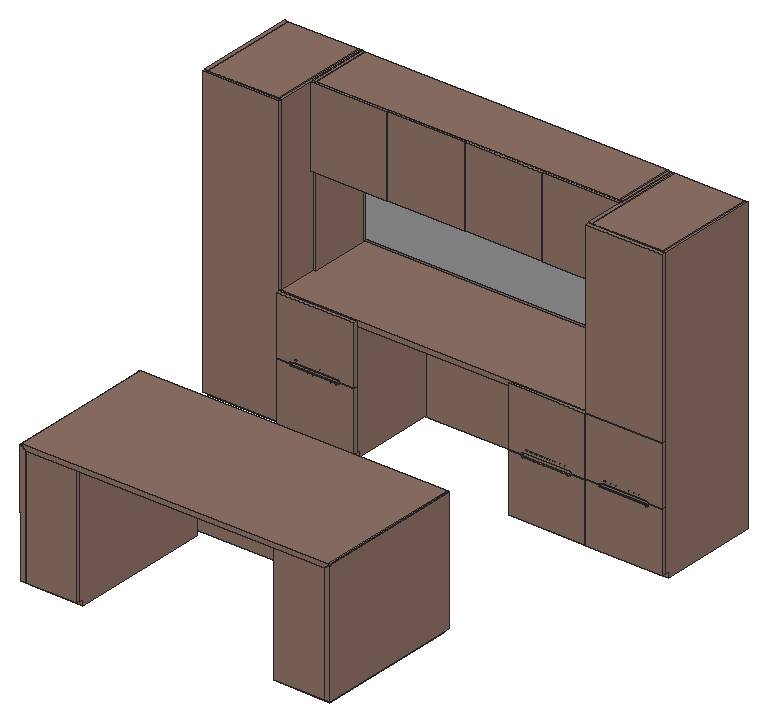
Revit family "OFS TYPICAL T100001", category Furniture, Revit 2022 (continued)
Definition of nested family "OFS SLATE CREDENZAS"
  Types (19): name | Width | Type | Model | Description
    36"W Overlay Lateral File | 3' - 0" | 4 | "CA-A3625CLF2" | "OFS SLATE Credenza Overlay Lateral File 2 Drawers, 36W x 25.50D x 20.5H, Slate Private Office"
    30"W Overlay Lateral File | 2' - 6" | 4 | "CA-A3025CLF2" | "OFS SLATE Credenza Overlay Lateral File 2 Drawers, 30W x 25.50D x 20.5H, Slate Private Office"
    72"W Lateral File/Cabinet | 6' - 0" | 3 | "CA-7224CLFC2-2" | "OFS SLATE Credenza Lateral File/Babinet, 72W x 24.75D x 29,25H, Slate Private Office"
    66"W Lateral File/Cabinet | 5' - 6" | 3 | "CA-6624CLFC2-2" | "OFS SLATE Credenza Lateral File/Babinet, 66W x 24.75D x 29,25H, Slate Private Office"
    72"W Lateral File | 6' - 0" | 2 | "CA-7224CLF4-2" | "OFS SLATE Credenza Lateral File, 72W x 24.75D x 29,25H, Slate Private Office"
    60"W Lateral File | 5' - 0" | 2 | "CA-6024CLF4-2" | "OFS SLATE Credenza Lateral File, 60W x 24.75D x 29,25H, Slate Private Office"
    36"W Lateral File | 3' - 0" | 2 | "CA-3624CLF2-2" | "OFS SLATE Credenza Lateral File, 36W x 24.75D x 29,25H, Slate Private Office"
    30"W Lateral File | 2' - 6" | 2 | "CA-3024CLF2-2" | "OFS SLATE Credenza Lateral File, 30W x 24.75D x 29,25H, Slate Private Office"
    72"W Double Pedestal | 6' - 0" | 1 | "CA-7224CR-2" | "OFS SLATE Credenza Double Pedestal, 72W x 24.75D x 29,25H, Slate Private Office"
    66"W Double Pedestal | 5' - 6" | 1 | "CA-6624CR-2" | "OFS SLATE Credenza Double Pedestal, 66W x 24.75D x 29,25H, Slate Private Office"
    60"W Double Pedestal | 5' - 0" | 1 | "CA-6024CR-2" | "OFS SLATE Credenza Double Pedestal, 60W x 24.75D x 29,25H, Slate Private Office"
  Reference planes (in)
    plane 1 "Center (Front/Back)": y = 0
    plane 2: z = 0
    plane 3 "Center (Left/Right)": x = 0
    plane 4: x = 108
    plane 5: y = -24.83728
    plane 6: x = 54
  Dimensions and locks (in)
    "Width": plane 3 "Center (Left/Right)" to plane 4
    equal spacing: plane 3 "Center (Left/Right)", plane 6, plane 4
    aligned and locked: level to plane 2
    aligned and locked: plane 6 to nested 1
    aligned and locked: plane 5 to nested 1
  Nested families (in)
    nested 1: "Tag" at (54, -24.83728, 0), type "Center", detail levels fine
      with Offset (LR) 0' - 0", Distance of Center (not Change) 0' - 0.12"
    nested 2: "OFS_Slate Private Office_Credenzas_Double Pedestal" at (0, 0, 0), Top <- "Top", Panel <- "Panel", Glides <- "Glides", Drawers <- "Drawers", Case <- "Case", Base <- "Base", Width <- "Width", Type <- "Type", type "OFS_Slate Private Office_Credenzas_Double Pedestal"
      with Width 1 9' - 0", Width 9' - 0", Type 4, Top none, Panel none, Glides none, Drawers none, Double Pedestal no, Case none, Base none
    nested 3: "OFS_Slate Private Office_Credenzas_Lateral File Cabinet" at (0, 0, 0), Top <- "Top", Glides <- "Glides", Drawers <- "Drawers", Case <- "Case", Base <- "Base", Width <- "Width", type "OFS_Slate Private Office_Credenzas_Lateral File Cabinet"
      with Width 1 9' - 0", Width 9' - 0", Top none, Length 2' - 4.755", Glides none, Drawers none, Case none, Base none, Type 4, Lateral File/Cabinet no
    nested 4: "OFS_Slate Private Office_Credenzas_Lateral File" at (0, 0, 0), Top <- "Top", Glides <- "Glides", Drawers <- "Drawers", Case <- "Case", Base <- "Base", Width <- "Width", type "OFS_Slate Private Office_Credenzas_Lateral File"
      with Width 9' - 0", Top none, Length 3 9' - 3", Length 2 2' - 4.692", Length 1 4' - 6", Glides none, Drawers none, Case none, Base none, Type 4, Lateral File no
    nested 5: "OFS_Slate Private Office_Credenzas_Overlay Lateral File Doors" at (0, 0, 0), Top <- "Top", Panel <- "Panel", Glides <- "Glides", Drawers <- "Drawers", Case <- "Case", Base <- "Base", Width <- "Width", type "OFS_Slate Private Office_Credenzas_Overlay Lateral File Doors"
      with Width 1 9' - 0", Width 9' - 0", Top none, Panel none, Length 2 1' - 5 7/8", Length 1 2' - 3.005", Lateral Drawers no, Glides none, Drawers none, Case none, Base none, 4 Drawers no, 2 Drawers no, Type 4, Overlay Lateral File no
    nested 6: "OFS_Slate Private Office_Credenzas_Overlay Lateral File" at (0, 0, 0), Top <- "Top", Panel <- "Panel", Glides <- "Glides", Drawers <- "Drawers", Case <- "Case", Base <- "Base", Width <- "Width", type "OFS_Slate Private Office_Credenzas_Overlay Lateral File"
      with Width 9' - 0", Top none, Panel none, Length 2 1' - 5 7/8", Length 1 2' - 3.005", Glides none, Drawers none, Case none, Base none, 6 Drawers yes, 4 Drawers no, 2 Drawers no
  Definition of nested family "OFS_Slate Private Office_Credenzas_Overlay Lateral File"
    Parameters
      Width [instance] = 2' - 6"
      URL = "http://www.ofsbrands.com/"
      Type = 4
      Top [instance] = none
      Panel [instance] = none
      Model = "Type Catalog"
      Manufacturer = "OFS BRANDS"  # constant formula
      Length 2 [instance] = if(and(Type = 4, Width < 5' 0"), 0' 0.063", 1' 5 7/8")  # 0' - 0.063"
      Length 1 [instance] = if(and(Type = 4, Width = 2' 6"), 1' 7.255", if(and(Type = 4, Width = 3' 0"), 2' 1.255", if(and(Type = 4, Width = 5' 0"), 1' 1.255", if(and(Type = 4, Width = 6' 0"), 2' 1.255", if(and(Type = 4, Width = 7' 6"), 1' 6.005", 2' 3.005")))))  # 1' - 7.255"
      Overlay Lateral File = Type = 4  # yes
      Glides [instance] = none
      Drawers [instance] = none
      Description = "Type Catalog"
      Default Elevation = 0' - 0"
      Copyright © = "© 2016 OFS BRANDS"  # constant formula
      Catalog = "OFS"  # constant formula
      Case [instance] = none
      Base [instance] = none
      Authoring Version = "Autodesk Revit Architecture 2014"  # constant formula
      Assembly Code = "E2020200"
      6 Drawers [instance] = and(Type = 4, Width > 6' 0")  # no
      4 Drawers [instance] = and(Type = 4, Width > 3' 0", Width < 7' 6")  # no
      2 Drawers [instance] = and(Type = 4, Width < 5' 0")  # yes
    Reference planes (in)
      plane 1 "Center (Front/Back)": y = 0
      plane 2: z = 0
      plane 3 "Center (Left/Right)": x = 0
      plane 4: x = 29.25
      plane 5: x = 30
      plane 6: x = 0.75
      plane 7: y = -24
      plane 8: y = -25.58661
      plane 9: y = -23.125
      plane 10: x = 0.125
      plane 11: x = 29.875
      plane 12: z = 0.45
      plane 13: z = 30.3875
      plane 14: y = -1.38677
      plane 15: y = -21.25
      plane 16: y = -11.5625
      plane 17: x = 15
      plane 18: x = 1.8755
      plane 19: x = 28.1245
      plane 20: x = 1.8125
      plane 21: x = 28.1875
      plane 22: x = 28.0625
      plane 23: x = 10.60417
      plane 24: x = 19.39583
    Forms (in)
      Revolve 1, solid, material <- "Glides", visible <- "Overlay Lateral File"
        sketch origin (1.0178, -1.38677, 47.24409) x (-1, 0, 0) y (0, 0, 1)
          loop
            line (0.04905, -46.79409) -> (0.04905, -47.24409) -> (0.29405, -47.24409)
            arc (0.29405, -47.24409) -> (0.42215, -47.13626) -> (0.33773, -46.99165) r 0.13
            line (0.33773, -46.99165) -> (0.29905, -46.99165) -> (0.29905, -46.79409) -> (0.04905, -46.79409)
          axis (0.04905, -46.79409) -> (0.04905, -47.24409)
        angle from 0 to 360
      Revolve 2, solid, material <- "Glides", visible <- "Overlay Lateral File"
        sketch origin (70.9822, -1.38677, 47.24409) x (1, 0, 0) y (0, 0, -1)
          loop
            line (-41.95095, 46.79409) -> (-41.70095, 46.79409) -> (-41.70095, 46.99165) -> (-41.66227, 46.99165)
            arc (-41.66227, 46.99165) -> (-41.57785, 47.13626) -> (-41.70595, 47.24409) r 0.13
            line (-41.70595, 47.24409) -> (-41.95095, 47.24409) -> (-41.95095, 46.79409)
          axis (-41.95095, 46.79409) -> (-41.95095, 47.24409)
        angle from 0 to 360
      Revolve 3, solid, material <- "Glides", visible <- "Overlay Lateral File"
        sketch origin (1.0178, -21.25, 47.24409) x (-1, 0, 0) y (0, 0, 1)
          loop
            line (-28.01344, -46.79409) -> (-28.26344, -46.79409) -> (-28.26344, -46.99165) -> (-28.30212, -46.99165)
            arc (-28.30212, -46.99165) -> (-28.38654, -47.13626) -> (-28.25844, -47.24409) r 0.13
            line (-28.25844, -47.24409) -> (-28.01344, -47.24409) -> (-28.01344, -46.79409)
          axis (-28.01344, -46.79409) -> (-28.01344, -47.24409)
        angle from 0 to 360
      Revolve 4, solid, material <- "Glides", visible <- "Overlay Lateral File"
        sketch origin (1.0178, -21.25, 47.24409) x (-1, 0, 0) y (0, 0, 1)
          loop
            line (0.04905, -46.79409) -> (0.04905, -47.24409) -> (0.29405, -47.24409)
            arc (0.29405, -47.24409) -> (0.42215, -47.13626) -> (0.33773, -46.99165) r 0.13
            line (0.33773, -46.99165) -> (0.29905, -46.99165) -> (0.29905, -46.79409) -> (0.04905, -46.79409)
          axis (0.04905, -46.79409) -> (0.04905, -47.24409)
        angle from 0 to 360
      Sweep 5, solid, material <- "Panel", visible <- "Overlay Lateral File"
        path origin (-60.07556, -60, 0.45) x (-1, 0, 0) y (0, -1, 0)
          loop
            line (-90.07556, -36.875) -> (-60.07556, -36.875)
        profile origin (15, -23.125, 0.45) x (0, -1, 0) y (0, 0, 1)
          loop
            line (-0.75, 0) -> (0, 0) -> (0, 1.25) -> (-0.75, 1.25) -> (-0.75, 0)
      Extrusion 6, solid, material <- "Case", visible <- "Overlay Lateral File"
        sketch origin (0, 0, 0) x (0, 1, 0) y (0, 0, 1)
          loop
            line (0, 29.2) -> (-0.76133, 29.2) -> (-0.76133, 0.45) -> (0, 0.45) -> (0, 29.2)
        from 1.9375 to 28.0625
      Extrusion 7, solid, material <- "Panel", visible <- "Overlay Lateral File"
        sketch origin (0, 0, 0) x (1, 0, 0) y (0, 0, 1)
          loop
            line (0, 29.2) -> (0, 1.7) -> (1.9375, 1.7) -> (1.9375, 29.2) -> (0, 29.2)
          loop
            line (28.0625, 29.2) -> (28.0625, 1.7) -> (30, 1.7) -> (30, 29.2) -> (28.0625, 29.2)
        from 0 to 24.75
      Extrusion 8, solid, material <- "Base", visible <- "Overlay Lateral File"
        sketch origin (-3.76383, -25.58661, 47.24409) x (-1, 0, 0) y (0, 0, 1)
          loop
            line (-5.70133, -44.79409) -> (-31.82633, -44.79409) -> (-31.82633, -45.54409) -> (-5.70133, -45.54409) -> (-5.70133, -44.79409)
        from 0.83661 to 24.83661
      Extrusion 9, solid, material <- "Top", visible <- "Overlay Lateral File"
        sketch origin (1.8125, -27.03977, 47.24409) x (0, -1, 0) y (0, 0, 1)
          loop
            line (-26.28977, -16.85659) -> (-26.28977, -18.0441) -> (-2.28977, -18.0441) -> (-2.28977, -16.85659) -> (-26.28977, -16.85659)
        from 0 to -26.375
      Extrusion 10, solid, material <- "Panel", visible <- "Overlay Lateral File"
        sketch origin (-60.07556, -60, 0.45) x (-1, 0, 0) y (0, -1, 0)
          loop
            line (-62.01306, -38.8125) -> (-62.01306, -60) -> (-60.07556, -60) -> (-60.07556, -36.875) -> (-62.01306, -38.8125)
          loop
            line (-88.13806, -38.8125) -> (-90.07556, -36.875) -> (-90.07556, -60) -> (-88.13806, -60) -> (-88.13806, -38.8125)
        from 0 to 1.25
      Sweep 11, void
        path origin (-3.76383, -25.58661, 47.24409) x (-1, 0, 0) y (0, 0, 1)
          loop
            line (-9.13633, -29.82608) -> (-28.39133, -29.82608)
            arc (-28.39133, -29.82608) -> (-29.2031, -30.63785) -> (-28.39133, -31.44961) r 0.81176
            line (-28.39133, -31.44961) -> (-9.13633, -31.44961)
            arc (-9.13633, -31.44961) -> (-8.32457, -30.63785) -> (-9.13633, -29.82608) r 0.81176
        profile origin (15, -25.58661, 17.41801) x (0, 0, -1) y (0, 1, 0)
          loop
            line (0.74926, 0) -> (0.74926, 0.59375) -> (0.23364, 0.59375)
            arc (0.23364, 0.59375) -> (0.00071, 0.38112) -> (0.19126, 0.12981) r 0.2339
            arc (0.19126, 0.12981) -> (0.23287, 0.10547) -> (0.24927, 0.06015) r 0.07084
            line (0.24927, 0.06015) -> (0.24927, 0) -> (0.74926, 0)
      Extrusion 12, solid, material <- "Drawers", visible <- "2 Drawers"
        sketch origin (15, -60, -12) x (0, 0, -1) y (0, -1, 0)
          loop
            line (-42.325, -35.16339) -> (-28.66875, -35.16339) -> (-28.66875, -34.41339) -> (-42.325, -34.41339) -> (-42.325, -35.16339)
          loop
            line (-13.7, -35.16339) -> (-13.7, -34.41339) -> (-28.54375, -34.41339) -> (-28.54375, -35.16339) -> (-13.7, -35.16339)
        from -13.0625 to 13.0625
      Extrusion 13, solid, material <- "Drawers", visible <- "4 Drawers"
        sketch origin (-3.76383, -25.58661, 47.24409) x (-1, 0, 0) y (0, 0, 1)
          loop
            line (-5.70133, -16.9191) -> (-18.70133, -16.9191) -> (-18.70133, -30.57535) -> (-5.70133, -30.57535) -> (-5.70133, -16.9191)
          loop
            line (-5.70133, -44.79409) -> (-5.70133, -30.70035) -> (-18.70133, -30.70035) -> (-18.70133, -44.79409) -> (-5.70133, -44.79409)
          loop
            line (-18.82633, -16.9191) -> (-31.82633, -16.9191) -> (-31.82633, -30.57535) -> (-18.82633, -30.57535) -> (-18.82633, -16.9191)
          loop
            line (-18.82633, -44.79409) -> (-18.82633, -30.70035) -> (-31.82633, -30.70035) -> (-31.82633, -44.79409) -> (-18.82633, -44.79409)
        from 0 to 0.75
      Extrusion 14, solid, material <- "Drawers", visible <- "6 Drawers"
        sketch origin (-3.76383, -25.58661, 47.24409) x (-1, 0, 0) y (0, 0, 1)
          loop
            line (-5.70133, -16.9191) -> (-14.3055, -16.9191) -> (-14.3055, -30.57535) -> (-5.70133, -30.57535) -> (-5.70133, -16.9191)
          loop
            line (-5.70133, -30.70035) -> (-14.3055, -30.70035) -> (-14.3055, -44.79409) -> (-5.70133, -44.79409) -> (-5.70133, -30.70035)
          loop
            line (-23.09717, -16.9191) -> (-23.09717, -30.57535) -> (-14.4305, -30.57535) -> (-14.4305, -16.9191) -> (-23.09717, -16.9191)
          loop
            line (-23.09717, -30.70035) -> (-23.09717, -44.79409) -> (-14.4305, -44.79409) -> (-14.4305, -30.70035) -> (-23.09717, -30.70035)
          loop
            line (-31.82633, -16.9191) -> (-31.82633, -30.57535) -> (-23.22217, -30.57535) -> (-23.22217, -16.9191) -> (-31.82633, -16.9191)
          loop
            line (-31.82633, -30.70035) -> (-31.82633, -44.79409) -> (-23.22217, -44.79409) -> (-23.22217, -30.70035) -> (-31.82633, -30.70035)
        from 0 to 0.75
    Cuts and joins
      joined: Revolve 1, Revolve 2, Revolve 3, Revolve 4
      joined: Sweep 5, Extrusion 10
      Sweep 11 cuts Extrusion 12
      Sweep 11 cuts Extrusion 13
      Sweep 11 cuts Extrusion 14
    Lines and regions (in)
      Masking region 1, visible <- "Overlay Lateral File"
        outline origin (77.82463, -60, 30.3875) x (0, -1, 0) y (1, 0, 0)
          loop
            line (-60, -77.82463) -> (-34.41339, -77.82463) -> (-34.41339, -47.82463) -> (-60, -47.82463) -> (-60, -77.82463)
    Dimensions and locks (in)
      "Width": plane 3 "Center (Left/Right)" to plane 5
      equal spacing: plane 3 "Center (Left/Right)", plane 17, plane 5
      locked: Extrusion 7 sketch curve to plane 3 "Center (Left/Right)" at 1.9375
      locked: plane 20 to Extrusion 8 sketch curve at 0.125
      Extrusion 10 sketch curve to Extrusion 10 sketch curve to plane 9 = 0' - 0" locked, 0' - 1 15/16" locked
      locked: plane 3 "Center (Left/Right)" to Extrusion 10 sketch curve at 1.9375
      plane 3 "Center (Left/Right)" to plane 10 to plane 6 to plane 20 = 0' - 0 1/8" locked, 0' - 0 5/8" locked, 0' - 1 1/16" locked
      plane 22 to plane 21 to plane 4 to plane 11 to plane 5 = 0' - 0 1/8" locked, 0' - 1 1/16" locked, 0' - 0 5/8" locked, 0' - 0 1/8" locked
      "Length 2": plane 20 to plane 18
      "Length 2": plane 19 to plane 21
      Extrusion 13 sketch curve to plane 17 to Extrusion 13 sketch curve = 0' - 0 1/16" locked, 0' - 0 1/16" locked
      locked: Sweep 11 sketch curve to plane 3 "Center (Left/Right)" at 5.3725
      locked: Sweep 11 sketch curve to plane 5 at 5.3725
      equal spacing: plane 20, plane 23, plane 24, plane 21
      Extrusion 14 sketch curve to plane 23 to Extrusion 14 sketch curve = 0' - 0 1/16" locked, 0' - 0 1/16" locked
      Extrusion 14 sketch curve to plane 24 to Extrusion 14 sketch curve = 0' - 0 1/16" locked, 0' - 0 1/16" locked
      aligned and locked: level to plane 2
      aligned and locked: plane 9 to Sweep 5 sketch curve
      aligned and locked: plane 21 to Extrusion 9
      aligned and locked: Extrusion 6 to plane 22
      aligned and locked: Extrusion 7 sketch curve to plane 22
      aligned and locked: Extrusion 10 sketch curve to plane 22
      aligned and locked: plane 5 to Extrusion 10 sketch curve
      aligned and locked: plane 9 to Extrusion 10 sketch curve  (x2)
      aligned and locked: Extrusion 10 sketch curve to plane 3 "Center (Left/Right)"
      aligned and locked: plane 22 to Extrusion 8 sketch curve
      aligned and locked: Masking region 1 sketch curve to Extrusion 7
      aligned and locked: Extrusion 7 to Extrusion 12
      aligned and locked: Extrusion 12 to plane 22
      aligned and locked: Extrusion 13 sketch curve to Extrusion 6
      aligned and locked: Extrusion 13 sketch curve to cut or joined group of Sweep 11, Extrusion 12
      aligned and locked: Extrusion 13 sketch curve to Extrusion 13 sketch curve
      aligned and locked: plane 22 to Extrusion 13 sketch curve
      aligned and locked: Extrusion 14 sketch curve to cut or joined group of Sweep 11, Extrusion 13
      aligned and locked: Extrusion 14 sketch curve to Extrusion 14 sketch curve  (x6)
      aligned and locked: Extrusion 14 sketch curve to plane 22
    Automatic sketch dimensions
      Revolve 1 sketch curve to plane 12 = 0' - 0"
      Revolve 1 sketch curve to level = 0' - 0"  (x2)
      Revolve 1 sketch curve to plane 6 = 0' - 0 7/32"
      plane 6 to Revolve 1 sketch curve = 0' - 0.02625"
      plane 6 to Revolve 1 sketch curve = 0' - 0 1/32"
      Revolve 1 sketch curve to Revolve 1 sketch curve = 0' - 0.03868"
      level to Revolve 1 sketch curve = 0' - 0.13"
      Revolve 1 sketch curve to Revolve 1 sketch curve = 0' - 0"
      Revolve 1 sketch curve to level = 0' - 0.09316"
      Revolve 2 sketch curve to plane 12 = 0' - 0"
      Revolve 2 sketch curve to level = 0' - 0"  (x2)
      Revolve 2 sketch curve to plane 4 = 0' - 0 7/32"
      plane 4 to Revolve 2 sketch curve = 0' - 0.02625"
      plane 4 to Revolve 2 sketch curve = 0' - 0 1/32"
      Revolve 2 sketch curve to Revolve 2 sketch curve = 0' - 0.03868"
      Revolve 2 sketch curve to plane 12 = 0' - 0.19756"
      Revolve 2 sketch curve to Revolve 2 sketch curve = 0' - 0"
      Revolve 2 sketch curve to Revolve 2 sketch curve = 0' - 0.09316"
      Revolve 3 sketch curve to plane 12 = 0' - 0"
      Revolve 3 sketch curve to level = 0' - 0"  (x2)
      plane 4 to Revolve 3 sketch curve = 0' - 0.06992"
      plane 4 to Revolve 3 sketch curve = 0' - 0 1/32"
      plane 4 to Revolve 3 sketch curve = 0' - 0.02625"
      Revolve 3 sketch curve to plane 4 = 0' - 0 7/32"
      level to Revolve 3 sketch curve = 0' - 0.13"
      Revolve 3 sketch curve to Revolve 3 sketch curve = 0' - 0"
      Revolve 3 sketch curve to Revolve 3 sketch curve = 0' - 0.09316"
      Revolve 4 sketch curve to plane 12 = 0' - 0"
      Revolve 4 sketch curve to level = 0' - 0"  (x2)
      Revolve 4 sketch curve to plane 6 = 0' - 0 7/32"
      plane 6 to Revolve 4 sketch curve = 0' - 0.02625"
      plane 6 to Revolve 4 sketch curve = 0' - 0 1/32"
      Revolve 4 sketch curve to Revolve 4 sketch curve = 0' - 0.03868"
      Revolve 4 sketch curve to Revolve 4 sketch curve = 0' - 0.13"
      Revolve 4 sketch curve to Revolve 4 sketch curve = 0' - 0"
      Revolve 4 sketch curve to level = 0' - 0.09316"
      Extrusion 6 sketch curve to plane 12 = 0' - 0"
      Extrusion 6 sketch curve to plane 1 "Center (Front/Back)" = 0' - 0"
      plane 14 to Extrusion 6 sketch curve = 0' - 0.62544"
      plane 13 to Extrusion 6 sketch curve = 0' - 1 3/16"
      plane 12 to Extrusion 8 sketch curve = 0' - 1 1/4"
      Extrusion 8 sketch curve to Extrusion 8 sketch curve = 0' - 0 3/4"
      plane 13 to Extrusion 9 sketch curve = 0' - 0"
      plane 14 to Extrusion 9 sketch curve = 0' - 0.63677"
      Extrusion 9 sketch curve to plane 7 = 0' - 0 3/4"
      plane 13 to Extrusion 9 sketch curve = 0' - 1 3/16"
      plane 1 "Center (Front/Back)" to Extrusion 10 sketch curve = 0' - 0"  (x2)
      Sweep 11 sketch curve to plane 8 = 0' - 0"
      plane 8 to Sweep 11 sketch curve = 0' - 0.06015"
      Sweep 11 sketch curve to profile plane = 0' - 0.17843"
      Sweep 11 sketch curve to profile plane = 0' - 0.23364"
      Sweep 11 sketch curve to Sweep 11 sketch curve = 0' - 0.07084"
      Sweep 11 sketch curve to Sweep 11 sketch curve = 0' - 0 33/64"
      Sweep 11 sketch curve to Sweep 11 sketch curve = 0' - 0.2997"
      Sweep 11 sketch curve to Sweep 11 sketch curve = 0' - 0.2339"
      Extrusion 12 sketch curve to plane 8 = 0' - 0"  (x2)
      plane 13 to Extrusion 12 sketch curve = 0' - 0 1/16"
      plane 8 to Extrusion 12 sketch curve = 0' - 0 3/4"
      Extrusion 12 sketch curve to Extrusion 12 sketch curve = 1' - 1 21/32"
      Extrusion 12 sketch curve to Extrusion 12 sketch curve = 0' - 0 1/8"
      plane 12 to Extrusion 12 sketch curve = 0' - 1 1/4"
      Extrusion 12 sketch curve to Extrusion 12 sketch curve = 0' - 0 3/4"
      plane 13 to Sweep 11 sketch curve = 1' - 2.59302"
      Sweep 11 sketch curve to Sweep 11 sketch curve = 0' - 0.81176"
      Sweep 5 sketch curve to plane 5 = 0' - 0"
      Sweep 5 sketch curve to plane 3 "Center (Left/Right)" = 0' - 0"
      Sweep 5 sketch curve to plane 12 = 0' - 0"
      Sweep 5 sketch curve to profile plane = 0' - 0"
      profile plane to Sweep 5 sketch curve = 0' - 0 3/4"
      Sweep 5 sketch curve to Sweep 5 sketch curve = 0' - 1 1/4"
      Extrusion 7 sketch curve to plane 3 "Center (Left/Right)" = 0' - 0"
      plane 5 to Extrusion 7 sketch curve = 0' - 0"
      plane 12 to Extrusion 7 sketch curve = 0' - 1 1/4"  (x2)
      plane 13 to Extrusion 7 sketch curve = 0' - 1 3/16"  (x2)
      Extrusion 13 sketch curve to plane 17 = 0' - 0 1/16"
      plane 17 to Extrusion 13 sketch curve = 0' - 0 1/16"
      plane 12 to Extrusion 13 sketch curve = 0' - 2"  (x2)
      plane 13 to Extrusion 13 sketch curve = 1' - 1 27/32"
      Extrusion 13 sketch curve to Extrusion 13 sketch curve = 0' - 0"
      Extrusion 13 sketch curve to Extrusion 13 sketch curve = 0' - 0 1/8"  (x2)
      plane 13 to Extrusion 13 sketch curve = 0' - 0 1/16"  (x2)
      plane 12 to Extrusion 14 sketch curve = 0' - 2"  (x2)
      Extrusion 14 sketch curve to Extrusion 14 sketch curve = 0' - 0"  (x2)
      plane 13 to Extrusion 14 sketch curve = 1' - 1 27/32"  (x2)
      Extrusion 14 sketch curve to Extrusion 14 sketch curve = 0' - 0 1/8"  (x3)
      plane 13 to Extrusion 14 sketch curve = 0' - 0 1/16"  (x3)
      Masking region 1 sketch curve to plane 3 "Center (Left/Right)" = 0' - 0"
      Masking region 1 sketch curve to plane 8 = 0' - 0"
      Masking region 1 sketch curve to plane 5 = 0' - 0"
  Definition of nested family "Tag"
    Parameters
      P_Width = 0' - 0"
      Text_Width = "Empty"
      Text_Height = "Empty"
      Text_Diameter = "Empty"
      Text_Depth = "Empty"
      Offset (LR) [instance] = 0' - 0"
      Model Name = "Type Catalog"
      P_Height = 0' - 0"
      Distance of Center (not Change) = 0' - 0.1"
      P_Diameter = 0' - 0"
      P_Depth = 0' - 0"
    Reference planes (in)
      plane 1: y = 0
      plane 2: x = 0
    Lines and regions (in)
      reference lines
        curve 1: line (-0.44359, 0.1, 0) -> (0.41085, 0.1, 0)
        curve 3: line (0, 0.42564, 0) -> (0, -0.30221, 0)
      reference lines, not visible
        curve 2: line (-0.44359, 0.09843, 0) -> (0.41085, 0.09843, 0)
        curve 4: line (0, 0.42407, 0) -> (0, -0.30379, 0)
    Text (in)
      label "Empty" at (0.00197, 0.0921, 0), shows "Model Name"
      label "Empty" at (0.00197, 0.09052, 0), shows "Model Name", not visible
    Dimensions and locks (in)
      "Distance of Center (not Change)": plane 1 to curve 1
      "Offset (LR)": curve 3 to plane 2
    Automatic sketch dimensions
      curve 1 to curve 3 = 0' - 0.44359"
      curve 3 to curve 1 = 0' - 0.41085"
      curve 3 to curve 1 = 0' - 0.40221"
      curve 1 to curve 3 = 0' - 0.32564"
      curve 2 to curve 4 = 0' - 0.44359"
      curve 4 to curve 2 = 0' - 0.41085"
      curve 4 to curve 2 = 0' - 0.40221"
      curve 2 to curve 4 = 0' - 0.32564"
  Definition of nested family "OFS_Slate Private Office_Credenzas_Double Pedestal"
    Parameters
      Width 1 [instance] = if(Width < 5' 0", 5' 0", Width)  # 5' - 0"
      Width [instance] = 5' - 0"
      URL = "http://www.ofsbrands.com/"
      Type [instance] = 1
      Top [instance] = none
      Panel [instance] = none
      Model = "Type Catalog"
      Manufacturer = "OFS BRANDS"  # constant formula
      Glides [instance] = none
      Drawers [instance] = none
      Double Pedestal [instance] = Type = 1  # yes
      Description = "Type Catalog"
      Default Elevation = 0' - 0"
      Copyright © = "© 2016 OFS BRANDS"  # constant formula
      Catalog = "OFS"  # constant formula
      Case [instance] = none
      Base [instance] = none
      Authoring Version = "Autodesk Revit Architecture 2014"  # constant formula
      Assembly Code = "E2020200"
    Reference planes (in)
      plane 1 "Center (Front/Back)": y = 0
      plane 2: z = 0
      plane 3 "Center (Left/Right)": x = 0
      plane 4: z = 0.45
      plane 5: z = 1.7
      plane 6: z = 28.0125
      plane 7: z = 29.2
      plane 8: z = 2.45
      plane 9: x = 18
      plane 10: x = 30
      plane 11: x = 60
      plane 12: x = 42
      plane 13: y = -1.37544
      plane 14: y = -21.74956
      plane 15: y = -24
      plane 16: y = -24.83661
      plane 17: x = 0.75
      plane 18: x = 59.25
      plane 19: x = 17.25
      plane 20: x = 42.75
      plane 21: x = 18.75
      plane 22: x = 41.25
    Forms (in)
      Extrusion 1, solid, material <- "Top", visible <- "Double Pedestal"
        sketch origin (0, 0, 0) x (0, 1, 0) y (0, 0, 1)
          loop
            line (0, 29.2) -> (-24, 29.2) -> (-24, 28.0125) -> (0, 28.0125) -> (0, 29.2)
        from 0 to 60
      Sweep 2, solid, material <- "Case", visible <- "Double Pedestal"
        path origin (-60.07556, -60, 0.45) x (-1, 0, 0) y (0, -1, 0)
          loop
            line (-60.82556, -60) -> (-60.82556, -37.625) -> (-77.32556, -37.625) -> (-77.32556, -60)
        profile origin (9, -22.375, 0.45) x (0, 1, 0) y (0, 0, 1)
          loop
            line (-0.75, 0) -> (0, 0) -> (0, 1.25) -> (-0.75, 1.25) -> (-0.75, 0)
      Extrusion 3, solid, material <- "Case", visible <- "Double Pedestal"
        sketch origin (-3.76383, -24, 47.24409) x (-1, 0, 0) y (0, 0, 1)
          loop
            line (-3.76383, -19.2316) -> (-4.51383, -19.2316) -> (-4.51383, -45.5441) -> (-3.76383, -45.5441) -> (-3.76383, -19.2316)
          loop
            line (-21.01383, -19.2316) -> (-21.76383, -19.2316) -> (-21.76383, -45.5441) -> (-21.01383, -45.5441) -> (-21.01383, -19.2316)
          loop
            line (-63.76383, -19.2316) -> (-63.76383, -45.5441) -> (-63.01383, -45.5441) -> (-63.01383, -19.2316) -> (-63.76383, -19.2316)
          loop
            line (-46.51383, -19.2316) -> (-46.51383, -45.5441) -> (-45.76383, -45.5441) -> (-45.76383, -19.2316) -> (-46.51383, -19.2316)
        from 0 to 24
      Extrusion 4, solid, material <- "Case", visible <- "Double Pedestal"
        sketch origin (-60.07556, -60, 0.45) x (-1, 0, 0) y (0, -1, 0)
          loop
            line (-60.82556, -60) -> (-60.82556, -59.25) -> (-77.32556, -59.25) -> (-77.32556, -60) -> (-60.82556, -60)
          loop
            line (-119.32556, -59.25) -> (-119.32556, -60) -> (-102.82556, -60) -> (-102.82556, -59.25) -> (-119.32556, -59.25)
        from 0 to 27.5625
      Extrusion 5, solid, material <- "Case", visible <- "Double Pedestal"
        sketch origin (-60.07556, -60, 0.45) x (-1, 0, 0) y (0, -1, 0)
          loop
            line (-78.07556, -60) -> (-78.07556, -56.75) -> (-78.82556, -56.75) -> (-78.82556, -60) -> (-78.07556, -60)
          loop
            line (-101.32556, -60) -> (-101.32556, -56.75) -> (-102.07556, -56.75) -> (-102.07556, -60) -> (-101.32556, -60)
        from 0 to 27.5625
      Extrusion 6, solid, material <- "Panel", visible <- "Double Pedestal"
        sketch origin (-60.07556, -60, 0.45) x (-1, 0, 0) y (0, -1, 0)
          loop
            line (-78.07556, -56.75) -> (-78.07556, -56) -> (-102.07556, -56) -> (-102.07556, -56.75) -> (-78.07556, -56.75)
        from 0 to 14
      Extrusion 7, solid, material <- "Panel", visible <- "Double Pedestal"
        sketch origin (-60.07556, -60, 0.45) x (-1, 0, 0) y (0, -1, 0)
          loop
            line (-78.20056, -56.75) -> (-78.20056, -56) -> (-101.95056, -56) -> (-101.95056, -56.75) -> (-78.20056, -56.75)
        from 14.125 to 26.8125
      Extrusion 8, solid, material <- "Drawers", visible <- "Double Pedestal"
        sketch origin (63.21186, -24.83661, 47.24409) x (1, 0, 0) y (0, 0, 1)
          loop
            line (-63.08686, -18.10659) -> (-63.08686, -31.76284) -> (-45.21186, -31.76284) -> (-45.21186, -18.10659) -> (-63.08686, -18.10659)
          loop
            line (-45.21186, -31.88784) -> (-63.08686, -31.88784) -> (-63.08686, -45.5441) -> (-45.21186, -45.5441) -> (-45.21186, -31.88784)
          loop
            line (-3.33686, -18.10659) -> (-21.21186, -18.10659) -> (-21.21186, -31.76284) -> (-3.33686, -31.76284) -> (-3.33686, -18.10659)
          loop
            line (-21.21186, -31.88784) -> (-21.21186, -45.5441) -> (-3.33686, -45.5441) -> (-3.33686, -31.88784) -> (-21.21186, -31.88784)
        from 0 to -0.75
      Sweep 9, void
        path origin (63.21186, -24.83661, 47.24409) x (1, 0, 0) y (0, 0, 1)
          loop
            arc (-59.52677, -31.01358) -> (-60.33854, -31.82534) -> (-59.52677, -32.63711) r 0.81176
            line (-59.52677, -32.63711) -> (-48.77196, -32.63711)
            arc (-48.77196, -32.63711) -> (-47.96019, -31.82534) -> (-48.77196, -31.01358) r 0.81176
            line (-48.77196, -31.01358) -> (-59.52677, -31.01358)
        profile origin (9.0625, -24.83661, 16.23051) x (0, 0, 1) y (0, -1, 0)
          loop
            line (-0.74926, 0) -> (-0.74926, -0.59375) -> (-0.23364, -0.59375)
            arc (-0.23364, -0.59375) -> (0.00064, -0.37682) -> (-0.19766, -0.12657) r 0.23498
            arc (-0.19766, -0.12657) -> (-0.2346, -0.106) -> (-0.24927, -0.06635) r 0.06093
            line (-0.24927, -0.06635) -> (-0.24927, 0) -> (-0.74926, 0)
      Sweep 10, void
        path origin (-3.21186, -24.83661, 47.24409) x (-1, 0, 0) y (0, 0, -1)
          loop
            line (-59.52677, 31.01358) -> (-48.77196, 31.01358)
            arc (-48.77196, 31.01358) -> (-47.96019, 31.82534) -> (-48.77196, 32.63711) r 0.81176
            line (-48.77196, 32.63711) -> (-59.52677, 32.63711)
            arc (-59.52677, 32.63711) -> (-60.33854, 31.82534) -> (-59.52677, 31.01358) r 0.81176
        profile origin (50.9375, -24.83661, 16.23051) x (0, 0, -1) y (0, -1, 0)
          loop
            line (0.74926, 0) -> (0.24927, 0) -> (0.24927, -0.06635)
            arc (0.24927, -0.06635) -> (0.2346, -0.106) -> (0.19766, -0.12657) r 0.06093
            arc (0.19766, -0.12657) -> (-0.00064, -0.37682) -> (0.23364, -0.59375) r 0.23498
            line (0.23364, -0.59375) -> (0.74926, -0.59375) -> (0.74926, 0)
      Extrusion 11, solid, material <- "Base", visible <- "Double Pedestal"
        sketch origin (0, 0, 0) x (1, 0, 0) y (0, 0, 1)
          loop
            line (0.75, 2.45) -> (0.75, 1.7) -> (17.25, 1.7) -> (17.25, 2.45) -> (0.75, 2.45)
          loop
            line (42.75, 2.45) -> (42.75, 1.7) -> (59.25, 1.7) -> (59.25, 2.45) -> (42.75, 2.45)
        from 0.75 to 24
      Sweep 12, solid, material <- "Case", visible <- "Double Pedestal"
        path origin (120.07556, -60, 0.45) x (1, 0, 0) y (0, 1, 0)
          loop
            line (-60.82556, 60) -> (-60.82556, 37.625) -> (-77.32556, 37.625) -> (-77.32556, 60)
        profile origin (51, -22.375, 0.45) x (0, -1, 0) y (0, 0, 1)
          loop
            line (0.75, 0) -> (0.75, 1.25) -> (0, 1.25) -> (0, 0) -> (0.75, 0)
      Extrusion 13, solid, material <- "Case", visible <- "Double Pedestal"
        sketch origin (-60.07556, -60, 0.45) x (-1, 0, 0) y (0, -1, 0)
          loop
            line (-60.82556, -59.25) -> (-60.82556, -57.75) -> (-62.32556, -57.75) -> (-62.32556, -59.25) -> (-60.82556, -59.25)
          loop
            line (-75.82556, -59.25) -> (-75.82556, -57.75) -> (-77.32556, -57.75) -> (-77.32556, -59.25) -> (-75.82556, -59.25)
          loop
            line (-62.32556, -39.125) -> (-60.82556, -39.125) -> (-60.82556, -37.625) -> (-62.32556, -37.625) -> (-62.32556, -39.125)
          loop
            line (-75.82556, -39.125) -> (-75.82556, -37.625) -> (-77.32556, -37.625) -> (-77.32556, -39.125) -> (-75.82556, -39.125)
          loop
            line (-119.32556, -59.25) -> (-117.82556, -59.25) -> (-117.82556, -57.75) -> (-119.32556, -57.75) -> (-119.32556, -59.25)
          loop
            line (-104.32556, -59.25) -> (-102.82556, -59.25) -> (-102.82556, -57.75) -> (-104.32556, -57.75) -> (-104.32556, -59.25)
          loop
            line (-117.82556, -39.125) -> (-117.82556, -37.625) -> (-119.32556, -37.625) -> (-119.32556, -39.125) -> (-117.82556, -39.125)
          loop
            line (-104.32556, -39.125) -> (-102.82556, -39.125) -> (-102.82556, -37.625) -> (-104.32556, -37.625) -> (-104.32556, -39.125)
        from 0 to 1.25
      Revolve 14, solid, material <- "Glides", visible <- "Double Pedestal"
        sketch origin (-3.76383, -1.37544, 47.24409) x (-1, 0, 0) y (0, 0, 1)
          loop
            line (-5.15473, -46.79409) -> (-5.15473, -47.24409) -> (-4.90473, -47.24409)
            arc (-4.90473, -47.24409) -> (-4.78439, -47.13335) -> (-4.86606, -46.99165) r 0.13088
            line (-4.86606, -46.99165) -> (-4.90473, -46.99165) -> (-4.90473, -46.79409) -> (-5.15473, -46.79409)
          axis (-5.15473, -46.79409) -> (-5.15473, -47.24409)
        angle from 0 to 360
      Revolve 15, solid, material <- "Glides", visible <- "Double Pedestal"
        sketch origin (21.76383, -1.37544, 47.24409) x (1, 0, 0) y (0, 0, -1)
          loop
            line (-5.15473, 46.79409) -> (-4.90473, 46.79409) -> (-4.90473, 46.99165) -> (-4.86606, 46.99165)
            arc (-4.86606, 46.99165) -> (-4.78439, 47.13335) -> (-4.90473, 47.24409) r 0.13088
            line (-4.90473, 47.24409) -> (-5.15473, 47.24409) -> (-5.15473, 46.79409)
          axis (-5.15473, 46.79409) -> (-5.15473, 47.24409)
        angle from 0 to 360
      Revolve 16, solid, material <- "Glides", visible <- "Double Pedestal"
        sketch origin (63.21186, -21.74956, 47.24409) x (1, 0, 0) y (0, 0, 1)
          loop
            line (-61.82096, -46.79409) -> (-62.07096, -46.79409) -> (-62.07096, -46.99165) -> (-62.10964, -46.99165)
            arc (-62.10964, -46.99165) -> (-62.19131, -47.13335) -> (-62.07096, -47.24409) r 0.13088
            line (-62.07096, -47.24409) -> (-61.82096, -47.24409) -> (-61.82096, -46.79409)
          axis (-61.82096, -46.79409) -> (-61.82096, -47.24409)
        angle from 0 to 360
      Revolve 17, solid, material <- "Glides", visible <- "Double Pedestal"
        sketch origin (63.21186, -21.74956, 47.24409) x (1, 0, 0) y (0, 0, 1)
          loop
            line (-46.60277, -46.79409) -> (-46.60277, -47.24409) -> (-46.35277, -47.24409)
            arc (-46.35277, -47.24409) -> (-46.23242, -47.13335) -> (-46.31409, -46.99165) r 0.13088
            line (-46.31409, -46.99165) -> (-46.35277, -46.99165) -> (-46.35277, -46.79409) -> (-46.60277, -46.79409)
          axis (-46.60277, -46.79409) -> (-46.60277, -47.24409)
        angle from 0 to 360
      Revolve 18, solid, material <- "Glides", visible <- "Double Pedestal"
        sketch origin (63.76383, -1.37544, 47.24409) x (1, 0, 0) y (0, 0, -1)
          loop
            line (-5.15473, 46.79409) -> (-4.90473, 46.79409) -> (-4.90473, 46.99165) -> (-4.86606, 46.99165)
            arc (-4.86606, 46.99165) -> (-4.78439, 47.13335) -> (-4.90473, 47.24409) r 0.13088
            line (-4.90473, 47.24409) -> (-5.15473, 47.24409) -> (-5.15473, 46.79409)
          axis (-5.15473, 46.79409) -> (-5.15473, 47.24409)
        angle from 0 to 360
      Revolve 19, solid, material <- "Glides", visible <- "Double Pedestal"
        sketch origin (38.23617, -1.37544, 47.24409) x (-1, 0, 0) y (0, 0, 1)
          loop
            line (-5.15473, -46.79409) -> (-5.15473, -47.24409) -> (-4.90473, -47.24409)
            arc (-4.90473, -47.24409) -> (-4.78439, -47.13335) -> (-4.86606, -46.99165) r 0.13088
            line (-4.86606, -46.99165) -> (-4.90473, -46.99165) -> (-4.90473, -46.79409) -> (-5.15473, -46.79409)
          axis (-5.15473, -46.79409) -> (-5.15473, -47.24409)
        angle from 0 to 360
      Revolve 20, solid, material <- "Glides", visible <- "Double Pedestal"
        sketch origin (-3.21186, -21.74956, 47.24409) x (-1, 0, 0) y (0, 0, -1)
          loop
            line (-61.82096, 46.79409) -> (-61.82096, 47.24409) -> (-62.07096, 47.24409)
            arc (-62.07096, 47.24409) -> (-62.19131, 47.13335) -> (-62.10964, 46.99165) r 0.13088
            line (-62.10964, 46.99165) -> (-62.07096, 46.99165) -> (-62.07096, 46.79409) -> (-61.82096, 46.79409)
          axis (-61.82096, 46.79409) -> (-61.82096, 47.24409)
        angle from 0 to 360
      Revolve 21, solid, material <- "Glides", visible <- "Double Pedestal"
        sketch origin (-3.21186, -21.74956, 47.24409) x (-1, 0, 0) y (0, 0, -1)
          loop
            line (-46.60277, 46.79409) -> (-46.35277, 46.79409) -> (-46.35277, 46.99165) -> (-46.31409, 46.99165)
            arc (-46.31409, 46.99165) -> (-46.23242, 47.13335) -> (-46.35277, 47.24409) r 0.13088
            line (-46.35277, 47.24409) -> (-46.60277, 47.24409) -> (-46.60277, 46.79409)
          axis (-46.60277, 46.79409) -> (-46.60277, 47.24409)
        angle from 0 to 360
    Cuts and joins
      Sweep 9, Sweep 10 cuts Extrusion 8
      joined: Sweep 2, Extrusion 3, Extrusion 13
      joined: Revolve 14, Revolve 15, Revolve 16, Revolve 17, Revolve 18, Revolve 19, Revolve 20, Revolve 21
    Lines and regions (in)
      Masking region 1, visible <- "Double Pedestal"
        outline origin (-60.07556, -60, 29.2) x (-1, 0, 0) y (0, -1, 0)
          loop
            line (-60.07556, -60) -> (-60.07556, -35.16339) -> (-120.07556, -35.16339) -> (-120.07556, -60) -> (-60.07556, -60)
    Dimensions and locks (in)
      "Width 1": plane 3 "Center (Left/Right)" to plane 11
      plane 3 "Center (Left/Right)" to plane 17 to plane 19 to plane 9 to plane 21 = 0' - 0 3/4" locked, 1' - 4 1/2" locked, 0' - 0 3/4" locked, 0' - 0 3/4" locked
      plane 22 to plane 12 to plane 20 to plane 18 to plane 11 = 0' - 0 3/4" locked, 0' - 0 3/4" locked, 1' - 4 1/2" locked, 0' - 0 3/4" locked
      equal spacing: plane 3 "Center (Left/Right)", plane 10, plane 11
      Sweep 9 sketch curve to Sweep 9 sketch curve to plane 3 "Center (Left/Right)" = 0' - 10.75482" locked, 0' - 3.68509" locked
      Sweep 10 sketch curve to Sweep 10 sketch curve to plane 11 = 0' - 10.75482" locked, 0' - 3.68509" locked
      aligned and locked: level to plane 2
      aligned and locked: plane 11 to Extrusion 1
      aligned and locked: Extrusion 3 sketch curve to Extrusion 1  (x2)
      aligned and locked: Extrusion 3 sketch curve to Sweep 2  (x2)
      aligned and locked: Extrusion 3 sketch curve to plane 6
      aligned and locked: Extrusion 3 sketch curve to plane 19
      aligned and locked: Extrusion 4 sketch curve to plane 19
      aligned and locked: plane 20 to Extrusion 4 sketch curve
      aligned and locked: plane 18 to Extrusion 4 sketch curve
      aligned and locked: plane 17 to Extrusion 4 sketch curve
      aligned and locked: Sweep 2 to Extrusion 5 sketch curve
      aligned and locked: plane 21 to Extrusion 5 sketch curve
      aligned and locked: plane 1 "Center (Front/Back)" to Extrusion 5 sketch curve
      aligned and locked: plane 22 to Extrusion 5 sketch curve
      aligned and locked: plane 12 to Extrusion 5 sketch curve
      aligned and locked: Sweep 12 sketch curve to plane 20
      aligned and locked: plane 18 to Sweep 12 sketch curve
      aligned and locked: plane 19 to Sweep 2 sketch curve
      aligned and locked: Sweep 2 sketch curve to plane 17
      aligned and locked: Masking region 1 sketch curve to Extrusion 1  (x2)
      aligned and locked: Masking region 1 sketch curve to cut or joined group of Extrusion 8, Sweep 9, Sweep 10
      aligned and locked: Masking region 1 sketch curve to plane 11
    Automatic sketch dimensions
      Extrusion 1 sketch curve to plane 7 = 0' - 0"
      Extrusion 1 sketch curve to plane 15 = 0' - 0"
      Extrusion 1 sketch curve to plane 1 "Center (Front/Back)" = 0' - 0"
      plane 6 to Extrusion 1 sketch curve = 0' - 0"
      plane 1 "Center (Front/Back)" to Sweep 2 sketch curve = 0' - 0"  (x2)
      plane 14 to Sweep 2 sketch curve = 0' - 0.62544"
      Sweep 2 sketch curve to plane 4 = 0' - 0"
      Sweep 2 sketch curve to profile plane = 0' - 0"
      profile plane to Sweep 2 sketch curve = 0' - 0 3/4"
      plane 4 to Sweep 2 sketch curve = 0' - 1 1/4"
      Extrusion 3 sketch curve to plane 5 = 0' - 0"  (x4)
      Extrusion 3 sketch curve to plane 11 = 0' - 0"
      plane 18 to Extrusion 3 sketch curve = 0' - 0"
      plane 20 to Extrusion 3 sketch curve = 0' - 0"
      Extrusion 3 sketch curve to plane 6 = 0' - 0"  (x2)
      Extrusion 3 sketch curve to plane 12 = 0' - 0"
      plane 1 "Center (Front/Back)" to Extrusion 4 sketch curve = 0' - 0"  (x2)
      plane 13 to Extrusion 4 sketch curve = 0' - 0.62544"  (x2)
      plane 1 "Center (Front/Back)" to Extrusion 5 sketch curve = 0' - 0"
      Extrusion 5 sketch curve to plane 13 = 0' - 1.87456"  (x2)
      Extrusion 6 sketch curve to plane 12 = 0' - 0"
      Extrusion 6 sketch curve to plane 9 = 0' - 0"
      Extrusion 6 sketch curve to plane 13 = 0' - 1.87456"
      Extrusion 6 sketch curve to Extrusion 6 sketch curve = 0' - 0 3/4"
      plane 12 to Extrusion 7 sketch curve = 0' - 0 1/8"
      plane 9 to Extrusion 7 sketch curve = 0' - 0 1/8"
      Extrusion 7 sketch curve to plane 13 = 0' - 1.87456"
      Extrusion 7 sketch curve to Extrusion 7 sketch curve = 0' - 0 3/4"
      Extrusion 8 sketch curve to plane 5 = 0' - 0"  (x2)
      Extrusion 8 sketch curve to plane 9 = 0' - 0"  (x2)
      plane 3 "Center (Left/Right)" to Extrusion 8 sketch curve = 0' - 0 1/8"
      Extrusion 8 sketch curve to Extrusion 8 sketch curve = 0' - 0"  (x2)
      Extrusion 8 sketch curve to plane 12 = 0' - 0"  (x2)
      Extrusion 8 sketch curve to plane 11 = 0' - 0 1/8"
      plane 6 to Extrusion 8 sketch curve = 1' - 0 21/32"  (x2)
      Extrusion 8 sketch curve to Extrusion 8 sketch curve = 0' - 0 1/8"  (x2)
      Extrusion 8 sketch curve to plane 7 = 0' - 0 1/16"  (x2)
      Sweep 9 sketch curve to plane 8 = 1' - 0.15699"
      Sweep 9 sketch curve to Sweep 9 sketch curve = 0' - 0.81176"
      Sweep 9 sketch curve to plane 16 = 0' - 0"
      profile plane to Sweep 9 sketch curve = 0' - 0.74926"
      Sweep 9 sketch curve to plane 16 = 0' - 0.06635"
      profile plane to Sweep 9 sketch curve = 0' - 0.24927"
      profile plane to Sweep 9 sketch curve = 0' - 0.23364"
      Sweep 9 sketch curve to Sweep 9 sketch curve = 0' - 0.06093"
      Sweep 9 sketch curve to Sweep 9 sketch curve = 0' - 0.29242"
      Sweep 9 sketch curve to Sweep 9 sketch curve = 0' - 0.23498"
      plane 6 to Sweep 10 sketch curve = 0' - 11.78198"
      Sweep 10 sketch curve to Sweep 10 sketch curve = 0' - 0.81176"
      Sweep 10 sketch curve to plane 16 = 0' - 0"
      Sweep 10 sketch curve to plane 16 = 0' - 0.06635"
      Sweep 10 sketch curve to profile plane = 0' - 0.18833"
      Sweep 10 sketch curve to profile plane = 0' - 0.23364"
      Sweep 10 sketch curve to Sweep 10 sketch curve = 0' - 0.06093"
      Sweep 10 sketch curve to Sweep 10 sketch curve = 0' - 0 33/64"
      Sweep 10 sketch curve to Sweep 10 sketch curve = 0' - 0.29242"
      Sweep 10 sketch curve to Sweep 10 sketch curve = 0' - 0.23498"
      Extrusion 11 sketch curve to plane 5 = 0' - 0"  (x2)
      Extrusion 11 sketch curve to plane 17 = 0' - 0"
      Extrusion 11 sketch curve to plane 19 = 0' - 0"
      Extrusion 11 sketch curve to plane 8 = 0' - 0"  (x2)
      plane 20 to Extrusion 11 sketch curve = 0' - 0"
      plane 18 to Extrusion 11 sketch curve = 0' - 0"
      plane 1 "Center (Front/Back)" to Sweep 12 sketch curve = 0' - 0"  (x2)
      plane 14 to Sweep 12 sketch curve = 0' - 0.62544"
      Sweep 12 sketch curve to plane 4 = 0' - 0"
      Sweep 12 sketch curve to profile plane = 0' - 0"
      Sweep 12 sketch curve to profile plane = 0' - 0 3/4"
      Sweep 12 sketch curve to Sweep 12 sketch curve = 0' - 1 1/4"
      Extrusion 13 sketch curve to plane 18 = 0' - 0"  (x2)
      Extrusion 13 sketch curve to plane 20 = 0' - 0"  (x2)
      Extrusion 13 sketch curve to plane 19 = 0' - 0"  (x2)
      Extrusion 13 sketch curve to plane 17 = 0' - 0"  (x2)
      plane 13 to Extrusion 13 sketch curve = 0' - 0.62544"  (x4)
      Extrusion 13 sketch curve to Extrusion 13 sketch curve = 0' - 1 1/2"  (x5)
      plane 14 to Extrusion 13 sketch curve = 0' - 0.62544"  (x4)
      Extrusion 13 sketch curve to plane 20 = 0' - 1 1/2"
      plane 17 to Extrusion 13 sketch curve = 0' - 1 1/2"  (x2)
      Extrusion 13 sketch curve to plane 13 = 0' - 0.87456"  (x4)
      Extrusion 13 sketch curve to plane 14 = 0' - 0.87456"  (x4)
      Revolve 14 sketch curve to plane 4 = 0' - 0"
      Revolve 14 sketch curve to level = 0' - 0"  (x2)
      plane 17 to Revolve 14 sketch curve = 0' - 0.6409"
      Revolve 14 sketch curve to Revolve 14 sketch curve = 0' - 0.24097"
      Revolve 14 sketch curve to Revolve 14 sketch curve = 0' - 0.00903"  (x2)
      Revolve 14 sketch curve to Revolve 14 sketch curve = 0' - 0.03868"
      level to Revolve 14 sketch curve = 0' - 0.13057"
      Revolve 14 sketch curve to Revolve 14 sketch curve = 0' - 0"
      Revolve 14 sketch curve to level = 0' - 0.10773"
      Revolve 15 sketch curve to plane 4 = 0' - 0"
      Revolve 15 sketch curve to level = 0' - 0"  (x2)
      Revolve 15 sketch curve to plane 19 = 0' - 0.6409"
      Revolve 15 sketch curve to Revolve 15 sketch curve = 0' - 0.24097"
      Revolve 15 sketch curve to Revolve 15 sketch curve = 0' - 0.00903"  (x2)
      Revolve 15 sketch curve to Revolve 15 sketch curve = 0' - 0.03868"
      Revolve 15 sketch curve to Revolve 15 sketch curve = 0' - 0.19756"
      Revolve 15 sketch curve to Revolve 15 sketch curve = 0' - 0"
      Revolve 15 sketch curve to level = 0' - 0.10773"
      Revolve 16 sketch curve to plane 4 = 0' - 0"
      Revolve 16 sketch curve to level = 0' - 0"  (x2)
      plane 17 to Revolve 16 sketch curve = 0' - 0.35223"
      Revolve 16 sketch curve to Revolve 16 sketch curve = 0' - 0.03868"
      Revolve 16 sketch curve to Revolve 16 sketch curve = 0' - 0"  (x2)
      Revolve 16 sketch curve to Revolve 16 sketch curve = 0' - 0.00903"
      Revolve 16 sketch curve to Revolve 16 sketch curve = 0' - 0 1/4"
      level to Revolve 16 sketch curve = 0' - 0.13057"
      Revolve 16 sketch curve to level = 0' - 0.10773"
      Revolve 17 sketch curve to plane 4 = 0' - 0"
      Revolve 17 sketch curve to level = 0' - 0"  (x2)
      Revolve 17 sketch curve to plane 19 = 0' - 0.6409"
      Revolve 17 sketch curve to Revolve 17 sketch curve = 0' - 0.24097"
      Revolve 17 sketch curve to Revolve 17 sketch curve = 0' - 0.00903"  (x2)
      Revolve 17 sketch curve to Revolve 17 sketch curve = 0' - 0.03868"
      level to Revolve 17 sketch curve = 0' - 0.13057"
      Revolve 17 sketch curve to Revolve 17 sketch curve = 0' - 0"
      Revolve 17 sketch curve to level = 0' - 0.10773"
      Revolve 18 sketch curve to plane 4 = 0' - 0"
      Revolve 18 sketch curve to level = 0' - 0"  (x2)
      plane 18 to Revolve 18 sketch curve = 0' - 0.6409"
      Revolve 18 sketch curve to Revolve 18 sketch curve = 0' - 0.24097"
      Revolve 18 sketch curve to Revolve 18 sketch curve = 0' - 0.00903"  (x2)
      Revolve 18 sketch curve to Revolve 18 sketch curve = 0' - 0.03868"
      Revolve 18 sketch curve to Revolve 18 sketch curve = 0' - 0.19756"
      Revolve 18 sketch curve to Revolve 18 sketch curve = 0' - 0"
      Revolve 18 sketch curve to level = 0' - 0.10773"
      Revolve 19 sketch curve to plane 4 = 0' - 0"
      Revolve 19 sketch curve to level = 0' - 0"  (x2)
      Revolve 19 sketch curve to plane 20 = 0' - 0.6409"
      Revolve 19 sketch curve to Revolve 19 sketch curve = 0' - 0.24097"
      Revolve 19 sketch curve to Revolve 19 sketch curve = 0' - 0.00903"  (x2)
      Revolve 19 sketch curve to Revolve 19 sketch curve = 0' - 0.03868"
      level to Revolve 19 sketch curve = 0' - 0.13057"
      Revolve 19 sketch curve to Revolve 19 sketch curve = 0' - 0"
      Revolve 19 sketch curve to level = 0' - 0.10773"
      Revolve 20 sketch curve to plane 4 = 0' - 0"
      Revolve 20 sketch curve to level = 0' - 0"  (x2)
      plane 18 to Revolve 20 sketch curve = 0' - 0.35223"
      Revolve 20 sketch curve to Revolve 20 sketch curve = 0' - 0.03868"
      Revolve 20 sketch curve to Revolve 20 sketch curve = 0' - 0"  (x2)
      Revolve 20 sketch curve to Revolve 20 sketch curve = 0' - 0.00903"
      Revolve 20 sketch curve to Revolve 20 sketch curve = 0' - 0 1/4"
      Revolve 20 sketch curve to Revolve 20 sketch curve = 0' - 0.19756"
      Revolve 20 sketch curve to level = 0' - 0.10773"
      Revolve 21 sketch curve to plane 4 = 0' - 0"
      Revolve 21 sketch curve to level = 0' - 0"  (x2)
      Revolve 21 sketch curve to plane 20 = 0' - 0.6409"
      Revolve 21 sketch curve to Revolve 21 sketch curve = 0' - 0.24097"
      Revolve 21 sketch curve to Revolve 21 sketch curve = 0' - 0.00903"  (x2)
      Revolve 21 sketch curve to Revolve 21 sketch curve = 0' - 0.03868"
      Revolve 21 sketch curve to Revolve 21 sketch curve = 0' - 0.19756"
      Revolve 21 sketch curve to Revolve 21 sketch curve = 0' - 0"
      Revolve 21 sketch curve to level = 0' - 0.10773"
  Definition of nested family "OFS_Slate Private Office_Credenzas_Lateral File Cabinet"
    Parameters
      Width 1 [instance] = if(Width < 5' 6", 5' 6", Width)  # 5' - 6"
      Width [instance] = 5' - 6"
      URL = "http://www.ofsbrands.com/"
      Type = 3
      Top [instance] = none
      Model = "Type Catalog"
      Manufacturer = "OFS BRANDS"  # constant formula
      Length [instance] = if(and(Type = 3, Width = 5' 6"), 1' 10.755", 2' 4.755")  # 1' - 10.755"
      Lateral File/Cabinet = Type = 3  # yes
      Glides [instance] = none
      Drawers [instance] = none
      Description = "Type Catalog"
      Default Elevation = 0' - 0"
      Copyright © = "© 2016 OFS BRANDS"  # constant formula
      Catalog = "OFS"  # constant formula
      Case [instance] = none
      Base [instance] = none
      Authoring Version = "Autodesk Revit Architecture 2014"  # constant formula
      Assembly Code = "E2020200"
    Reference planes (in)
      plane 1 "Center (Front/Back)": y = 0
      plane 2: z = 0
      plane 3 "Center (Left/Right)": x = 0
      plane 4: x = 65.25
      plane 5: x = 66
      plane 6: x = 0.75
      plane 7: y = -24
      plane 8: y = -24.83661
      plane 9: y = -23.125
      plane 10: x = 0.125
      plane 11: x = 65.875
      plane 12: z = 0.45
      plane 13: z = 29.2
      plane 14: y = -1.37544
      plane 15: y = -21.74956
      plane 16: y = -11.5625
      plane 17: x = 33
      plane 18: x = 18
      plane 19: x = 48
    Forms (in)
      Revolve 1, solid, material <- "Glides", visible <- "Lateral File/Cabinet"
        sketch origin (1.0178, -1.37544, 47.24409) x (-1, 0, 0) y (0, 0, 1)
          loop
            line (-0.3731, -46.79409) -> (-0.3731, -47.24409) -> (-0.1281, -47.24409)
            arc (-0.1281, -47.24409) -> (0, -47.13626) -> (-0.08442, -46.99165) r 0.13
            line (-0.08442, -46.99165) -> (-0.1231, -46.99165) -> (-0.1231, -46.79409) -> (-0.3731, -46.79409)
          axis (-0.3731, -46.79409) -> (-0.3731, -47.24409)
        angle from 0 to 360
      Revolve 2, solid, material <- "Glides", visible <- "Lateral File/Cabinet"
        sketch origin (70.9822, -1.37544, 47.24409) x (1, 0, 0) y (0, 0, -1)
          loop
            line (-6.3731, 46.79409) -> (-6.1231, 46.79409) -> (-6.1231, 46.99165) -> (-6.08442, 46.99165)
            arc (-6.08442, 46.99165) -> (-6, 47.13626) -> (-6.1281, 47.24409) r 0.13
            line (-6.1281, 47.24409) -> (-6.3731, 47.24409) -> (-6.3731, 46.79409)
          axis (-6.3731, 46.79409) -> (-6.3731, 47.24409)
        angle from 0 to 360
      Revolve 3, solid, material <- "Glides", visible <- "Lateral File/Cabinet"
        sketch origin (70.9822, -21.74956, 47.24409) x (1, 0, 0) y (0, 0, 1)
          loop
            line (-6.3731, -46.79409) -> (-6.3731, -47.24409) -> (-6.1281, -47.24409)
            arc (-6.1281, -47.24409) -> (-6, -47.13626) -> (-6.08442, -46.99165) r 0.13
            line (-6.08442, -46.99165) -> (-6.1231, -46.99165) -> (-6.1231, -46.79409) -> (-6.3731, -46.79409)
          axis (-6.3731, -46.79409) -> (-6.3731, -47.24409)
        angle from 0 to 360
      Revolve 4, solid, material <- "Glides", visible <- "Lateral File/Cabinet"
        sketch origin (1.0178, -21.74956, 47.24409) x (-1, 0, 0) y (0, 0, -1)
          loop
            line (-0.3731, 46.79409) -> (-0.1231, 46.79409) -> (-0.1231, 46.99165) -> (-0.08442, 46.99165)
            arc (-0.08442, 46.99165) -> (0, 47.13626) -> (-0.1281, 47.24409) r 0.13
            line (-0.1281, 47.24409) -> (-0.3731, 47.24409) -> (-0.3731, 46.79409)
          axis (-0.3731, 46.79409) -> (-0.3731, 47.24409)
        angle from 0 to 360
      Extrusion 5, solid, material <- "Case", visible <- "Lateral File/Cabinet"
        sketch origin (-60.07556, -60, 0.45) x (-1, 0, 0) y (0, -1, 0)
          loop
            line (-60.82556, -59.25) -> (-60.82556, -57.75) -> (-62.32556, -57.75) -> (-62.32556, -59.25) -> (-60.82556, -59.25)
          loop
            line (-60.82556, -39.125) -> (-60.82556, -37.625) -> (-62.32556, -37.625) -> (-62.32556, -39.125) -> (-60.82556, -39.125)
          loop
            line (-125.32556, -59.25) -> (-123.82556, -59.25) -> (-123.82556, -57.75) -> (-125.32556, -57.75) -> (-125.32556, -59.25)
          loop
            line (-125.32556, -39.125) -> (-123.82556, -39.125) -> (-123.82556, -37.625) -> (-125.32556, -37.625) -> (-125.32556, -39.125)
        from 0 to 1.25
      Extrusion 6, solid, material <- "Top", visible <- "Lateral File/Cabinet"
        sketch origin (0, 0, 0) x (0, 1, 0) y (0, 0, 1)
          loop
            line (0, 29.2) -> (-24, 29.2) -> (-24, 28.0125) -> (0, 28.0125) -> (0, 29.2)
        from 0 to 66
      Sweep 7, solid, material <- "Case", visible <- "Lateral File/Cabinet"
        path origin (-60.07556, -60, 0.45) x (-1, 0, 0) y (0, -1, 0)
          loop
            line (-126.07556, -60) -> (-126.07556, -36.875) -> (-60.07556, -36.875) -> (-60.07556, -60)
        profile origin (0, -11.5625, 0.45) x (-1, 0, 0) y (0, 0, 1)
          loop
            line (-0.75, 0) -> (0, 0) -> (0, 1.25) -> (-0.75, 1.25) -> (-0.75, 0)
      Extrusion 8, solid, material <- "Case", visible <- "Lateral File/Cabinet"
        sketch origin (0, 0, 0) x (0, 1, 0) y (0, 0, 1)
          loop
            line (0, 28.0125) -> (-0.75, 28.0125) -> (-0.75, 0.45) -> (0, 0.45) -> (0, 28.0125)
        from 0.75 to 65.25
      Extrusion 9, solid, material <- "Case", visible <- "Lateral File/Cabinet"
        sketch origin (0, 0, 0) x (1, 0, 0) y (0, 0, 1)
          loop
            line (0, 28.0125) -> (0, 1.7) -> (0.75, 1.7) -> (0.75, 28.0125) -> (0, 28.0125)
          loop
            line (65.25, 28.0125) -> (65.25, 1.7) -> (66, 1.7) -> (66, 28.0125) -> (65.25, 28.0125)
        from 0 to 24
      Extrusion 10, solid, material <- "Drawers", visible <- "Lateral File/Cabinet"
        sketch origin (0.125, -24.83661, 47.24409) x (0, -1, 0) y (0, 0, 1)
          loop
            line (-0.26, -18.10659) -> (-0.34839, -18.1432) -> (-0.75, -18.54482) -> (-0.75, -45.5441) -> (0, -45.5441) -> (0, -18.10659) -> (-0.26, -18.10659)
        from 0 to -17.875
      Sweep 11, void
        path origin (-3.76383, -24.83661, 47.24409) x (-1, 0, 0) y (0, 0, 1)
          loop
            line (-25.38633, -31.01358) -> (-48.14133, -31.01358)
            arc (-48.14133, -31.01358) -> (-48.9531, -31.82534) -> (-48.14133, -32.63711) r 0.81176
            line (-48.14133, -32.63711) -> (-25.38633, -32.63711)
            arc (-25.38633, -32.63711) -> (-24.57457, -31.82534) -> (-25.38633, -31.01358) r 0.81176
        profile origin (33, -24.83661, 16.23051) x (0, 0, -1) y (0, 1, 0)
          loop
            line (0.74926, 0) -> (0.74926, 0.59375) -> (0.23364, 0.59375)
            arc (0.23364, 0.59375) -> (-0.00045, 0.3792) -> (0.19294, 0.12735) r 0.23498
            arc (0.19294, 0.12735) -> (0.23332, 0.10405) -> (0.24927, 0.06025) r 0.06813
            line (0.24927, 0.06025) -> (0.24927, 0) -> (0.74926, 0)
      Extrusion 12, solid, material <- "Base", visible <- "Lateral File/Cabinet"
        sketch origin (-3.76383, -24.83661, 47.24409) x (-1, 0, 0) y (0, 0, 1)
          loop
            line (-4.51383, -44.79409) -> (-69.01383, -44.79409) -> (-69.01383, -45.54409) -> (-4.51383, -45.54409) -> (-4.51383, -44.79409)
        from 0.83661 to 24.08661
      Extrusion 13, solid, material <- "Drawers", visible <- "Lateral File/Cabinet"
        sketch origin (65.875, -24.83661, 47.24409) x (0, -1, 0) y (0, 0, -1)
          loop
            line (-0.26, 18.10659) -> (0, 18.10659) -> (0, 45.5441) -> (-0.75, 45.5441) -> (-0.75, 18.54482) -> (-0.34839, 18.1432) -> (-0.26, 18.10659)
        from 0 to -17.875
      Extrusion 14, solid, material <- "Drawers", visible <- "Lateral File/Cabinet"
        sketch origin (-3.76383, -24.83661, 47.24409) x (-1, 0, 0) y (0, 0, 1)
          loop
            line (-21.88883, -18.1066) -> (-51.63883, -18.1066) -> (-51.63883, -31.76284) -> (-21.88883, -31.76284) -> (-21.88883, -18.1066)
          loop
            line (-51.63883, -31.88784) -> (-51.63883, -45.54409) -> (-21.88883, -45.54409) -> (-21.88883, -31.88784) -> (-51.63883, -31.88784)
        from 0 to 0.75
    Cuts and joins
      joined: Revolve 1, Revolve 2, Revolve 3, Revolve 4
      Sweep 11 cuts Extrusion 14
      joined: Extrusion 10, Extrusion 13
